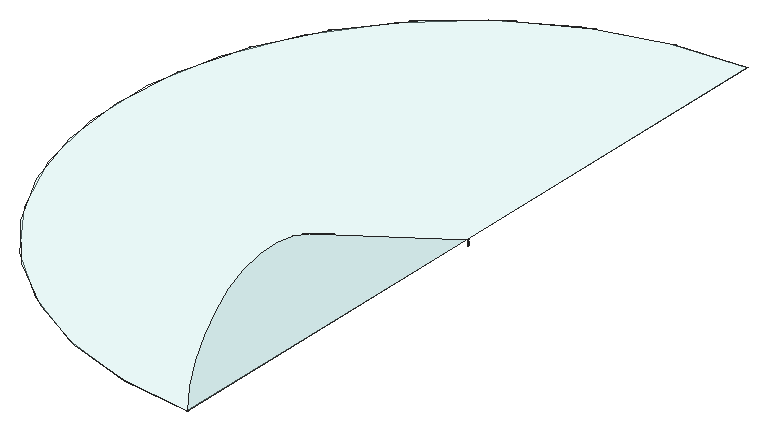
Revit family "Rotor 8005 Series - 8005NPSS", category Acessórios do tubo, Revit 2020
Family settings
  Cota do conector redondo = Utilizar diâmetro
  Tipo de parte = Normal
  Número OmniClass = 23.60.30.11.14
  Título OmniClass = Pipework Fittings
  Com base no plano de trabalho = Não
  Sempre na vertical = Sim
  Corte com vazios quando carregada = Não
  Compartilhado = Não
Parameters (values of type "Nozzle 20")
  Water = Water
  URL = "https://www.rainbird.com/"
  TABLE 90 = "TABLE 90psi"
  TABLE 80 = "TABLE 80psi"
  TABLE 70 = "TABLE 70psi"
  TABLE 60 = "TABLE 60psi"
  TABLE 50 = "TABLE 50psi"
  TABLE 100 = "TABLE 100psi"
  SupportProjetos: Reviw Date = ""  # constant formula
  SupportProjetos: Reviw = "R00"  # constant formula
  SupportProjetos: Level of Detail = "LOD 300"  # constant formula
  SupportProjetos: Developed = "MICHEL SOARES MOTA"  # constant formula
  SupportProjetos: Creation Date = "12/08/2020"  # constant formula
  Side inlet = no
  Rotation Water Visibility [instance] = Pop up on  # yes
  Rotation Angle [instance] = 180.00°
  RainBird: Product Link = "https://www.rainbird.com/"
  RainBird: Description = "8005-NP-SS Rotor "  # constant formula
  RainBird: Comment [instance] = ""
  RainBird: Code = "B81300NP"  # constant formula
  Radius [instance] = if(and(Pressure = 50.0 psi, Instance < 13 ft), size_lookup(TABLE 50, "Radius", 0 ft, Instance), if(and(Pressure = 60.0 psi, Instance < 13 ft), size_lookup(TABLE 60, "Radius", 0 ft, Instance), if(and(Pressure = 70.0 psi, Instance < 13 ft), size_lookup(TABLE 70, "Radius", 0 ft, Instance), if(and(Pressure = 80.0 psi, Instance < 13 ft), size_lookup(TABLE 80, "Radius", 0 ft, Instance), if(and(Pressure = 90.0 psi, Instance > 4 ft), size_lookup(TABLE 90, "Radius", 0 ft, Instance), if(and(Pressure = 100.0 psi, Instance > 8 ft), size_lookup(TABLE 100, "Radius", 0 ft, Instance), 600 ft))))))  # 73 ft
  RT = 0.009893 ft
  RN = 0.032808 ft
  R5 = 0.03937 ft
  R4 = 0.04101 ft
  R3 = 0.065617 ft
  R2 = 0.075407 ft
  R1 = 0.032808 ft
  Pressure [instance] = 90.0 psi
  Pop up height = 0.417 ft  # constant formula
  Pop up on [instance] = yes
  Modelo = "8005NPSS"  # constant formula
  Instance = 9 ft
  H1 = Body height / 3  # 0.240667 ft
  Flow [instance] = if(and(Pressure = 50.0 psi, Instance < 13 ft), size_lookup(TABLE 50, "Flow", 0.0 GPM, Instance), if(and(Pressure = 60.0 psi, Instance < 13 ft), size_lookup(TABLE 60, "Flow", 0.0 GPM, Instance), if(and(Pressure = 70.0 psi, Instance < 13 ft), size_lookup(TABLE 70, "Flow", 0.0 GPM, Instance), if(and(Pressure = 80.0 psi, Instance < 13 ft), size_lookup(TABLE 80, "Flow", 0.0 GPM, Instance), if(and(Pressure = 90.0 psi, Instance > 4 ft), size_lookup(TABLE 90, "Flow", 0.0 GPM, Instance), if(and(Pressure = 100.0 psi, Instance > 8 ft), size_lookup(TABLE 100, "Flow", 0.0 GPM, Instance), 600.0 GPM))))))  # 25.3 GPM
  Fabricante = "Rain Bird"
  Elevação padrão = 0 ft
  Description = RainBird: Description  # "8005-NP-SS Rotor "
  DD13 = 0.002625 ft
  DD12 = 0.003937 ft
  DD11 = 0.009897 ft
  DD10 = 0.016404 ft
  DD8 [instance] = if(Pop up on, Pop up height, 0 ft)  # 0.417 ft
  DD7 = 0.019685 ft
  DD6 [instance] = 0.016404 ft
  DD5 = 0.065617 ft
  DD4 = 0.032808 ft
  DD3 = 0.091048 ft
  DD2 [instance] = 0.024514 ft
  DD9 [instance] = if(Pop up on, Pop up height + 0.049541 ft, 0 ft)  # 0.466541 ft
  DD1 = 0.006562 ft
  Conection = 0.062664 ft  # constant formula
  Body height = 0.722 ft  # constant formula
  Blue = Blue Plastic
  Black Plastic = Black Plastic
  Angle = 25.00°
Types (13, lengths in ft): name | Radius | Pressure | Instance | Flow
  (no name) | 73 | 90.0 psi | 9 | 25.3 GPM
  Nozzle 4 | 39 | 80.0 psi | 1 | 5.0 GPM
  Nozzle 6 | 45 | 80.0 psi | 2 | 7.1 GPM
  Nozzle 8 | 49 | 80.0 psi | 3 | 9.8 GPM
  Nozzle 10 | 55 | 80.0 psi | 4 | 11.8 GPM
  Nozzle 12 | 61 | 80.0 psi | 5 | 14.2 GPM
  Tipo 14 | 63 | 80.0 psi | 6 | 16.4 GPM
  Nozzle 16 | 67 | 80.0 psi | 7 | 18.6 GPM
  Nozzle 18 | 71 | 90.0 psi | 8 | 22.2 GPM
  Nozzle 20 | 73 | 90.0 psi | 9 | 25.3 GPM
  Nozzle 22 | 75 | 90.0 psi | 10 | 29.1 GPM
  Nozzle 24 | 79 | 90.0 psi | 11 | 31.0 GPM
  Nozzle 26 | 79 | 90.0 psi | 12 | 33.7 GPM
Reference planes (ft)
  plane 1 "Centro (Frente/Trás)": y = 0
  plane 2: z = 0
  plane 3 "Centro (Esquerda/Direita)": x = 0
  plane 4: z = 0.003937
  plane 5: z = 0.002625
  plane 6: y = -0.065617
Forms (ft)
  Revolve 1, solid, material "Black Plastic" <- "Black Plastic"
    sketch origin (0, 0, 0) x (1, 0, 0) y (0, 0, 1)
      loop
        line (0.075407, -0.091048) -> (0.075407, -0.035324)
        arc (0.075407, -0.035324) -> (0.072509, -0.028329) -> (0.065514, -0.025431) r 0.009893
        line (0.065514, -0.025431) -> (0.046098, -0.025431) -> (0.046098, 0) -> (0.03937, 0) -> (0.03937, -0.417) -> (0.019685, -0.417) -> (0.019685, -0.715438) -> (0.032808, -0.715438) -> (0.032808, -0.722) -> (0.04101, -0.722) -> (0.04101, -0.715438) -> (0.055724, -0.715438)
        arc (0.055724, -0.715438) -> (0.062719, -0.712541) -> (0.065617, -0.705545) r 0.009893
        line (0.065617, -0.705545) -> (0.065617, -0.091048) -> (0.075407, -0.091048)
      axis (0, -0.722) -> (0, 0)
    angle from 0 to 360
  Extrusion 2, solid, material "Black Plastic" <- "Black Plastic"
    sketch origin (0, 0, 0) x (1, 0, 0) y (0, 1, 0)
      loop
        circle (0, 0) r 0.032808
    from -0.417 to 0.417
  Extrusion 3, void
    sketch origin (0, 0, 0) x (1, 0, 0) y (0, 1, 0)
      loop
        circle (0, 0) r 0.022844
    from -0.417 to 0.417
  Revolve 4, solid, material "Black Plastic" <- "Black Plastic"
    sketch origin (0, 0, 0) x (1, 0, 0) y (0, 0, 1)
      loop
        line (0, 0.417) -> (0.037004, 0.417) -> (0.037004, 0.426897)
        arc (0.037004, 0.426897) -> (0.01879, 0.43179) -> (0, 0.433404) r 0.10685
        line (0, 0.433404) -> (0, 0.417)
      axis (0, 0.417) -> (0, 0.433404)
    angle from 0 to 360
  Extrusion 5, solid, material "Blue Plastic" <- "Blue"
    sketch origin (0, 0, 0) x (1, 0, 0) y (0, 0, 1)
      loop
        circle (0, 0.392486) r 0.009129
      loop
        circle (0, 0.392486) r 0.004793
    from 0 to 0.034386
  Extrusion 6, void
    sketch origin (0, 0, 0) x (1, 0, 0) y (0, 0, 1)
      loop
        line (-0.02074, 0.328055) -> (-0.02074, 0.282426) -> (0.020672, 0.282426) -> (0.020672, 0.328055) -> (-0.02074, 0.328055)
      loop
        line (-0.018439, 0.325179) -> (-0.018439, 0.285685) -> (0.018179, 0.285685) -> (0.018179, 0.325179) -> (-0.018439, 0.325179)
    from 0.024556 to 0.06931
  Extrusion 7, solid, material "Black Plastic" <- "Black Plastic"
    sketch origin (0, 0, 0) x (1, 0, 0) y (0, 0, 1)
      loop
        line (0.046098, 0) -> (0.046098, -0.036876) -> (0.073493, -0.036876) -> (0.046098, 0)
    from -0.002998 to 0.002998
  Extrusion 8, solid, material "Black Plastic" <- "Black Plastic"
    sketch origin (0, 0, 0) x (-1, 0, 0) y (0, 0, -1)
      loop
        line (0.046098, 0) -> (0.073493, 0.036876) -> (0.046098, 0.036876) -> (0.046098, 0)
    from -0.002998 to 0.002998
  Extrusion 9, solid, material "Black Plastic" <- "Black Plastic"
    sketch origin (0, 0, 0) x (0.866025, 0.5, 0) y (0, 0, 1)
      loop
        line (0.046098, 0) -> (0.046098, -0.036876) -> (0.073493, -0.036876) -> (0.046098, 0)
    from -0.002998 to 0.002998
  Extrusion 10, solid, material "Black Plastic" <- "Black Plastic"
    sketch origin (0, 0, 0) x (-0.866025, -0.5, 0) y (0, 0, -1)
      loop
        line (0.046098, 0) -> (0.073493, 0.036876) -> (0.046098, 0.036876) -> (0.046098, 0)
    from -0.002998 to 0.002998
  Extrusion 11, solid, material "Black Plastic" <- "Black Plastic"
    sketch origin (0, 0, 0) x (0, 1, 0) y (0, 0, 1)
      loop
        line (0.046098, 0) -> (0.046098, -0.036876) -> (0.073493, -0.036876) -> (0.046098, 0)
    from -0.002998 to 0.002998
  Extrusion 12, solid, material "Black Plastic" <- "Black Plastic"
    sketch origin (0, 0, 0) x (0, -1, 0) y (0, 0, -1)
      loop
        line (0.046098, 0) -> (0.073493, 0.036876) -> (0.046098, 0.036876) -> (0.046098, 0)
    from -0.002998 to 0.002998
  Extrusion 13, solid, material "Black Plastic" <- "Black Plastic"
    sketch origin (0, 0, 0) x (0.5, 0.866025, 0) y (0, 0, 1)
      loop
        line (0.046098, 0) -> (0.046098, -0.036876) -> (0.073493, -0.036876) -> (0.046098, 0)
    from -0.002998 to 0.002998
  Extrusion 14, solid, material "Black Plastic" <- "Black Plastic"
    sketch origin (0, 0, 0) x (-0.5, -0.866025, 0) y (0, 0, -1)
      loop
        line (0.046098, 0) -> (0.073493, 0.036876) -> (0.046098, 0.036876) -> (0.046098, 0)
    from -0.002998 to 0.002998
  Extrusion 15, solid, material "Black Plastic" <- "Black Plastic"
    sketch origin (0, 0, 0) x (-0.5, 0.866025, 0) y (0, 0, 1)
      loop
        line (0.046098, 0) -> (0.046098, -0.036876) -> (0.073493, -0.036876) -> (0.046098, 0)
    from -0.002998 to 0.002998
  Extrusion 16, solid, material "Black Plastic" <- "Black Plastic"
    sketch origin (0, 0, 0) x (0.5, -0.866025, 0) y (0, 0, -1)
      loop
        line (0.046098, 0) -> (0.073493, 0.036876) -> (0.046098, 0.036876) -> (0.046098, 0)
    from -0.002998 to 0.002998
  Extrusion 17, solid, material "Black Plastic" <- "Black Plastic"
    sketch origin (0, 0, 0) x (-0.866025, 0.5, 0) y (0, 0, 1)
      loop
        line (0.046098, 0) -> (0.046098, -0.036876) -> (0.073493, -0.036876) -> (0.046098, 0)
    from -0.002998 to 0.002998
  Extrusion 18, solid, material "Black Plastic" <- "Black Plastic"
    sketch origin (0, 0, 0) x (0.866025, -0.5, 0) y (0, 0, -1)
      loop
        line (0.046098, 0) -> (0.073493, 0.036876) -> (0.046098, 0.036876) -> (0.046098, 0)
    from -0.002998 to 0.002998
  Extrusion 19, void
    sketch origin (0, 0, 0) x (1, 0, 0) y (0, 1, 0)
      loop
        line (-0.002998, 0.077702) -> (-0.002998, 0.071655) -> (0.002998, 0.071655) -> (0.002998, 0.077702) -> (-0.002998, 0.077702)
    from -0.091048 to 0.82021
  Extrusion 20, void
    sketch origin (0, 0, 0) x (1, 0, 0) y (0, 1, 0)
      loop
        line (0.002998, -0.077702) -> (0.002998, -0.071655) -> (-0.002998, -0.071655) -> (-0.002998, -0.077702) -> (0.002998, -0.077702)
    from -0.091048 to 0.82021
  Extrusion 21, void
    sketch origin (0, 0, 0) x (0.965926, 0.258819, 0) y (-0.258819, 0.965926, 0)
      loop
        line (-0.002998, 0.077702) -> (-0.002998, 0.071655) -> (0.002998, 0.071655) -> (0.002998, 0.077702) -> (-0.002998, 0.077702)
    from -0.091048 to 0.82021
  Extrusion 22, void
    sketch origin (0, 0, 0) x (0.965926, 0.258819, 0) y (-0.258819, 0.965926, 0)
      loop
        line (0.002998, -0.077702) -> (0.002998, -0.071655) -> (-0.002998, -0.071655) -> (-0.002998, -0.077702) -> (0.002998, -0.077702)
    from -0.091048 to 0.82021
  Extrusion 23, void
    sketch origin (0, 0, 0) x (0.866025, 0.5, 0) y (-0.5, 0.866025, 0)
      loop
        line (-0.002998, 0.077702) -> (-0.002998, 0.071655) -> (0.002998, 0.071655) -> (0.002998, 0.077702) -> (-0.002998, 0.077702)
    from -0.091048 to 0.82021
  Extrusion 24, void
    sketch origin (0, 0, 0) x (0.866025, 0.5, 0) y (-0.5, 0.866025, 0)
      loop
        line (0.002998, -0.077702) -> (0.002998, -0.071655) -> (-0.002998, -0.071655) -> (-0.002998, -0.077702) -> (0.002998, -0.077702)
    from -0.091048 to 0.82021
  Extrusion 25, void
    sketch origin (0, 0, 0) x (0.5, 0.866025, 0) y (-0.866025, 0.5, 0)
      loop
        line (-0.002998, 0.077702) -> (-0.002998, 0.071655) -> (0.002998, 0.071655) -> (0.002998, 0.077702) -> (-0.002998, 0.077702)
    from -0.091048 to 0.82021
  Extrusion 26, void
    sketch origin (0, 0, 0) x (0.5, 0.866025, 0) y (-0.866025, 0.5, 0)
      loop
        line (0.002998, -0.077702) -> (0.002998, -0.071655) -> (-0.002998, -0.071655) -> (-0.002998, -0.077702) -> (0.002998, -0.077702)
    from -0.091048 to 0.82021
  Extrusion 27, void
    sketch origin (0, 0, 0) x (0.707107, 0.707107, 0) y (-0.707107, 0.707107, 0)
      loop
        line (-0.002998, 0.077702) -> (-0.002998, 0.071655) -> (0.002998, 0.071655) -> (0.002998, 0.077702) -> (-0.002998, 0.077702)
    from -0.091048 to 0.82021
  Extrusion 28, void
    sketch origin (0, 0, 0) x (0.707107, 0.707107, 0) y (-0.707107, 0.707107, 0)
      loop
        line (0.002998, -0.077702) -> (0.002998, -0.071655) -> (-0.002998, -0.071655) -> (-0.002998, -0.077702) -> (0.002998, -0.077702)
    from -0.091048 to 0.82021
  Extrusion 29, void
    sketch origin (0, 0, 0) x (0.258819, 0.965926, 0) y (-0.965926, 0.258819, 0)
      loop
        line (-0.002998, 0.077702) -> (-0.002998, 0.071655) -> (0.002998, 0.071655) -> (0.002998, 0.077702) -> (-0.002998, 0.077702)
    from -0.091048 to 0.82021
  Extrusion 30, void
    sketch origin (0, 0, 0) x (0.258819, 0.965926, 0) y (-0.965926, 0.258819, 0)
      loop
        line (0.002998, -0.077702) -> (0.002998, -0.071655) -> (-0.002998, -0.071655) -> (-0.002998, -0.077702) -> (0.002998, -0.077702)
    from -0.091048 to 0.82021
  Extrusion 31, void
    sketch origin (0, 0, 0) x (0, 1, 0) y (-1, 0, 0)
      loop
        line (-0.002998, 0.077702) -> (-0.002998, 0.071655) -> (0.002998, 0.071655) -> (0.002998, 0.077702) -> (-0.002998, 0.077702)
    from -0.091048 to 0.82021
  Extrusion 32, void
    sketch origin (0, 0, 0) x (0, 1, 0) y (-1, 0, 0)
      loop
        line (0.002998, -0.077702) -> (0.002998, -0.071655) -> (-0.002998, -0.071655) -> (-0.002998, -0.077702) -> (0.002998, -0.077702)
    from -0.091048 to 0.82021
  Extrusion 33, void
    sketch origin (0, 0, 0) x (-0.258819, 0.965926, 0) y (-0.965926, -0.258819, 0)
      loop
        line (-0.002998, 0.077702) -> (-0.002998, 0.071655) -> (0.002998, 0.071655) -> (0.002998, 0.077702) -> (-0.002998, 0.077702)
    from -0.091048 to 0.82021
  Extrusion 34, void
    sketch origin (0, 0, 0) x (-0.258819, 0.965926, 0) y (-0.965926, -0.258819, 0)
      loop
        line (0.002998, -0.077702) -> (0.002998, -0.071655) -> (-0.002998, -0.071655) -> (-0.002998, -0.077702) -> (0.002998, -0.077702)
    from -0.091048 to 0.82021
  Extrusion 35, void
    sketch origin (0, 0, 0) x (-0.5, 0.866025, 0) y (-0.866025, -0.5, 0)
      loop
        line (-0.002998, 0.077702) -> (-0.002998, 0.071655) -> (0.002998, 0.071655) -> (0.002998, 0.077702) -> (-0.002998, 0.077702)
    from -0.091048 to 0.82021
  Extrusion 36, void
    sketch origin (0, 0, 0) x (-0.5, 0.866025, 0) y (-0.866025, -0.5, 0)
      loop
        line (0.002998, -0.077702) -> (0.002998, -0.071655) -> (-0.002998, -0.071655) -> (-0.002998, -0.077702) -> (0.002998, -0.077702)
    from -0.091048 to 0.82021
  Extrusion 37, void
    sketch origin (0, 0, 0) x (-0.707107, 0.707107, 0) y (-0.707107, -0.707107, 0)
      loop
        line (-0.002998, 0.077702) -> (-0.002998, 0.071655) -> (0.002998, 0.071655) -> (0.002998, 0.077702) -> (-0.002998, 0.077702)
    from -0.091048 to 0.82021
  Extrusion 38, void
    sketch origin (0, 0, 0) x (-0.707107, 0.707107, 0) y (-0.707107, -0.707107, 0)
      loop
        line (0.002998, -0.077702) -> (0.002998, -0.071655) -> (-0.002998, -0.071655) -> (-0.002998, -0.077702) -> (0.002998, -0.077702)
    from -0.091048 to 0.82021
  Extrusion 39, void
    sketch origin (0, 0, 0) x (-0.866025, 0.5, 0) y (-0.5, -0.866025, 0)
      loop
        line (-0.002998, 0.077702) -> (-0.002998, 0.071655) -> (0.002998, 0.071655) -> (0.002998, 0.077702) -> (-0.002998, 0.077702)
    from -0.091048 to 0.82021
  Extrusion 40, void
    sketch origin (0, 0, 0) x (-0.866025, 0.5, 0) y (-0.5, -0.866025, 0)
      loop
        line (0.002998, -0.077702) -> (0.002998, -0.071655) -> (-0.002998, -0.071655) -> (-0.002998, -0.077702) -> (0.002998, -0.077702)
    from -0.091048 to 0.82021
  Extrusion 41, void
    sketch origin (0, 0, 0) x (-0.965926, 0.258819, 0) y (-0.258819, -0.965926, 0)
      loop
        line (-0.002998, 0.077702) -> (-0.002998, 0.071655) -> (0.002998, 0.071655) -> (0.002998, 0.077702) -> (-0.002998, 0.077702)
    from -0.091048 to 0.82021
  Extrusion 42, void
    sketch origin (0, 0, 0) x (-0.965926, 0.258819, 0) y (-0.258819, -0.965926, 0)
      loop
        line (0.002998, -0.077702) -> (0.002998, -0.071655) -> (-0.002998, -0.071655) -> (-0.002998, -0.077702) -> (0.002998, -0.077702)
    from -0.091048 to 0.82021
  Extrusion 43, solid, material "Water" <- "Water", visible <- "Rotation Water Visibility"
    sketch origin (0, 0, 0) x (0, 1, 0) y (0, 0, 1)
      loop
        line (-0.032808, 0.392486) -> (-41.314762, 19.642577)
        arc (-41.314762, 19.642577) -> (-62.318922, 18.495086) -> (-73.032808, 0.392486) r 22.310372
        line (-73.032808, 0.392486) -> (-0.032808, 0.392486)
    from -0.008202 to 0.008202
Cuts and joins
  Extrusion 3, Extrusion 6 cuts Extrusion 2
  Extrusion 19, Extrusion 20, Extrusion 21, Extrusion 22, Extrusion 23, Extrusion 24, Extrusion 25, Extrusion 26, Extrusion 27, Extrusion 28, Extrusion 29, Extrusion 30, Extrusion 31, Extrusion 32, Extrusion 33, Extrusion 34, Extrusion 35, Extrusion 36, Extrusion 37, Extrusion 38, Extrusion 39, Extrusion 40, Extrusion 41, Extrusion 42 cuts Revolve 1
Dimensions and locks (ft)
  "Body height": level to Revolve 1 sketch curve
  "R2": Revolve 1 sketch curve to plane 3 "Centro (Esquerda/Direita)"
  "DD1": Revolve 1 sketch curve to Revolve 1 sketch curve
  "DD3": level to Revolve 1 sketch curve
  Revolve 1 sketch curve to plane 3 "Centro (Esquerda/Direita)" = 0.065617 ft
  "R4": Revolve 1 sketch curve to plane 3 "Centro (Esquerda/Direita)"
  "RN": Revolve 1 sketch curve to plane 3 "Centro (Esquerda/Direita)"
  "Pop up height": level to Revolve 1 sketch curve
  "R5": plane 3 "Centro (Esquerda/Direita)" to Revolve 1 sketch curve
  "DD7": Revolve 1 sketch curve to plane 3 "Centro (Esquerda/Direita)"
  "DD8": Extrusion 2 to level
  "DD12": plane 4 to level
  "DD13": plane 5 to level
  "R3": plane 6 to plane 1 "Centro (Frente/Trás)"
  "DD5": Revolve 1 sketch curve to Revolve 1 sketch curve
  "DD10": Revolve 4 sketch curve to Revolve 4 sketch curve
  "DD11": Revolve 4 sketch curve to Revolve 4 sketch curve
  "DD2": Revolve 4 to Extrusion 5 sketch curve  (x2)
  Extrusion 7 to plane 3 "Centro (Esquerda/Direita)" = 0.046098 ft
  equal spacing: Extrusion 7, plane 1 "Centro (Frente/Trás)", Extrusion 7
  Extrusion 8 to Extrusion 8 = 0.005995 ft
  Extrusion 9 to Extrusion 9 = 0.005995 ft
  Extrusion 20 sketch curve to Extrusion 20 sketch curve = 0.005995 ft
  Extrusion 22 sketch curve to Extrusion 22 sketch curve = 0.005995 ft
  Extrusion 24 sketch curve to Extrusion 24 sketch curve = 0.005995 ft
  Extrusion 26 sketch curve to Extrusion 26 sketch curve = 0.005995 ft
  Extrusion 28 sketch curve to Extrusion 28 sketch curve = 0.005995 ft
  Extrusion 30 sketch curve to Extrusion 30 sketch curve = 0.005995 ft
  Extrusion 32 sketch curve to Extrusion 32 sketch curve = 0.005995 ft
  Extrusion 34 sketch curve to Extrusion 34 sketch curve = 0.005995 ft
  Extrusion 36 sketch curve to Extrusion 36 sketch curve = 0.005995 ft
  Extrusion 38 sketch curve to Extrusion 38 sketch curve = 0.005995 ft
  Extrusion 40 sketch curve to Extrusion 40 sketch curve = 0.005995 ft
  Extrusion 42 sketch curve to Extrusion 42 sketch curve = 0.005995 ft
  "DD4": plane 1 "Centro (Frente/Trás)" to Extrusion 43 sketch curve
  "DD2": Revolve 4 to Extrusion 43 sketch curve
  "Radius": Extrusion 43 sketch curve to Extrusion 43 sketch curve
  equal spacing: Extrusion 43, plane 3 "Centro (Esquerda/Direita)", Extrusion 43
  "DD6": Extrusion 43 to Extrusion 43
  "DD2": Revolve 4 to nested 1
  "RT": radius of Revolve 1 sketch curve  (x2)
  "R1": radius of Extrusion 2 sketch curve
  "Angle": angle Extrusion 43 sketch curve to Extrusion 43 sketch curve
  aligned and locked: level to plane 2
  aligned and locked: Revolve 1 sketch curve to Revolve 1 sketch curve
  aligned and locked: Extrusion 2 to Revolve 1
  aligned and locked: cut or joined group of Extrusion 2, Extrusion 3, Extrusion 6 to cut or joined group of Extrusion 2, Extrusion 3, Extrusion 6  (x2)
  aligned and locked: Revolve 4 sketch curve to cut or joined group of Extrusion 2, Extrusion 3, Extrusion 6
  aligned and locked: Extrusion 20 to Revolve 1
  aligned and locked: Extrusion 22 to Revolve 1
  aligned and locked: Extrusion 24 to Revolve 1
  aligned and locked: Extrusion 28 to Revolve 1
  aligned and locked: Extrusion 26 to Revolve 1
  aligned and locked: Extrusion 30 to Revolve 1
  aligned and locked: Extrusion 32 to Revolve 1
  aligned and locked: Extrusion 34 to Revolve 1
  aligned and locked: Revolve 1 to Extrusion 36
  aligned and locked: Revolve 1 to Extrusion 38
  aligned and locked: Extrusion 41 to Revolve 1
  aligned and locked: Extrusion 39 to Revolve 1
  aligned and locked: Extrusion 37 to Revolve 1
  aligned and locked: Extrusion 35 to Revolve 1
  aligned and locked: Extrusion 33 to Revolve 1
  aligned and locked: Extrusion 31 to Revolve 1
  aligned and locked: Extrusion 29 to Revolve 1
  aligned and locked: Revolve 1 to Extrusion 25
  aligned and locked: Revolve 1 to Extrusion 27
  aligned and locked: Revolve 1 to Extrusion 19
  aligned and locked: Revolve 1 to Extrusion 21
  aligned and locked: Revolve 1 to Extrusion 42
  aligned and locked: Revolve 1 to Extrusion 40
  aligned and locked: Revolve 1 to Extrusion 23
Automatic sketch dimensions
  plane 1 "Centro (Frente/Trás)" to Extrusion 2 sketch curve = 0 ft
  Extrusion 2 sketch curve to plane 3 "Centro (Esquerda/Direita)" = 0 ft
  plane 1 "Centro (Frente/Trás)" to Extrusion 3 sketch curve = 0 ft
  Extrusion 3 sketch curve to plane 3 "Centro (Esquerda/Direita)" = 0 ft
  Revolve 4 sketch curve to plane 3 "Centro (Esquerda/Direita)" = 0 ft  (x2)
  plane 3 "Centro (Esquerda/Direita)" to Revolve 4 sketch curve = 0.000284 ft
  plane 3 "Centro (Esquerda/Direita)" to Revolve 4 sketch curve = 0.037004 ft
  Revolve 4 sketch curve to Revolve 4 sketch curve = 0.015719 ft
  Revolve 4 sketch curve to Revolve 4 sketch curve = 0.114829 ft
  Extrusion 5 sketch curve to Extrusion 5 sketch curve = 0 ft
  Extrusion 5 sketch curve to plane 3 "Centro (Esquerda/Direita)" = 0 ft
  Extrusion 6 sketch curve to plane 3 "Centro (Esquerda/Direita)" = 0.02074 ft
  Extrusion 6 sketch curve to Extrusion 6 sketch curve = 0.002301 ft
  plane 3 "Centro (Esquerda/Direita)" to Extrusion 6 sketch curve = 0.018179 ft
  Extrusion 6 sketch curve to Extrusion 6 sketch curve = 0.002492 ft
  plane 4 to Extrusion 6 sketch curve = 0.278489 ft
  Extrusion 6 sketch curve to Extrusion 6 sketch curve = 0.003259 ft
  Extrusion 6 sketch curve to Extrusion 6 sketch curve = 0.039494 ft
  Extrusion 6 sketch curve to Extrusion 6 sketch curve = 0.002876 ft
  Extrusion 7 sketch curve to level = 0 ft
  plane 3 "Centro (Esquerda/Direita)" to Extrusion 7 sketch curve = 0.046098 ft
  Extrusion 7 sketch curve to Extrusion 7 sketch curve = 0.027396 ft
  Extrusion 7 sketch curve to Extrusion 7 sketch curve = 0.036876 ft
  Extrusion 8 sketch curve to level = 0 ft
  plane 3 "Centro (Esquerda/Direita)" to Extrusion 8 sketch curve = 0.046098 ft
  Extrusion 8 sketch curve to Extrusion 8 sketch curve = 0.027396 ft
  Extrusion 8 sketch curve to Extrusion 8 sketch curve = 0.036876 ft
  Extrusion 9 sketch curve to level = 0 ft
  Extrusion 9 sketch curve to level = 0.036876 ft
  Extrusion 9 sketch curve to Extrusion 9 sketch curve = 0.027396 ft
  Extrusion 10 sketch curve to level = 0 ft
  Extrusion 10 sketch curve to level = 0.036876 ft
  Extrusion 10 sketch curve to Extrusion 10 sketch curve = 0.027396 ft
  Extrusion 11 sketch curve to level = 0 ft
  Extrusion 11 sketch curve to plane 1 "Centro (Frente/Trás)" = 0.046098 ft
  Extrusion 11 sketch curve to Extrusion 11 sketch curve = 0.027396 ft
  Extrusion 11 sketch curve to Extrusion 11 sketch curve = 0.036876 ft
  Extrusion 12 sketch curve to level = 0 ft
  plane 6 to Extrusion 12 sketch curve = 0.019519 ft
  Extrusion 12 sketch curve to plane 6 = 0.007877 ft
  Extrusion 12 sketch curve to level = 0.036876 ft
  Extrusion 13 sketch curve to level = 0 ft
  Extrusion 13 sketch curve to level = 0.036876 ft
  Extrusion 13 sketch curve to Extrusion 13 sketch curve = 0.027396 ft
  Extrusion 14 sketch curve to level = 0 ft
  Extrusion 14 sketch curve to level = 0.036876 ft
  Extrusion 14 sketch curve to Extrusion 14 sketch curve = 0.027396 ft
  level to Extrusion 15 sketch curve = 0 ft
  Extrusion 15 sketch curve to level = 0.036876 ft
  Extrusion 15 sketch curve to Extrusion 15 sketch curve = 0.027396 ft
  level to Extrusion 16 sketch curve = 0 ft
  Extrusion 16 sketch curve to level = 0.036876 ft
  Extrusion 16 sketch curve to Extrusion 16 sketch curve = 0.027396 ft
  level to Extrusion 17 sketch curve = 0 ft
  Extrusion 17 sketch curve to level = 0.036876 ft
  Extrusion 17 sketch curve to Extrusion 17 sketch curve = 0.027396 ft
  level to Extrusion 18 sketch curve = 0 ft
  Extrusion 18 sketch curve to level = 0.036876 ft
  Extrusion 18 sketch curve to Extrusion 18 sketch curve = 0.027396 ft
  Extrusion 19 sketch curve to plane 3 "Centro (Esquerda/Direita)" = 0.002998 ft
  Extrusion 19 sketch curve to plane 1 "Centro (Frente/Trás)" = 0.071655 ft
  Extrusion 19 sketch curve to Extrusion 19 sketch curve = 0.006047 ft
  plane 3 "Centro (Esquerda/Direita)" to Extrusion 20 sketch curve = 0.002998 ft
  plane 6 to Extrusion 20 sketch curve = 0.006038 ft
  Extrusion 20 sketch curve to Extrusion 20 sketch curve = 0.006047 ft
  plane 3 "Centro (Esquerda/Direita)" to Extrusion 19 sketch curve = 0.002998 ft
  Extrusion 21 sketch curve to plane 3 "Centro (Esquerda/Direita)" = 0.021441 ft
  Extrusion 21 sketch curve to plane 1 "Centro (Frente/Trás)" = 0.068438 ft
  Extrusion 21 sketch curve to Extrusion 21 sketch curve = 0.005995 ft
  Extrusion 21 sketch curve to Extrusion 21 sketch curve = 0.006047 ft
  Extrusion 22 sketch curve to plane 6 = 0.010213 ft
  plane 3 "Centro (Esquerda/Direita)" to Extrusion 22 sketch curve = 0.017215 ft
  Extrusion 22 sketch curve to Extrusion 22 sketch curve = 0.006047 ft
  Extrusion 23 sketch curve to plane 3 "Centro (Esquerda/Direita)" = 0.038424 ft
  Extrusion 23 sketch curve to plane 1 "Centro (Frente/Trás)" = 0.060556 ft
  Extrusion 23 sketch curve to Extrusion 23 sketch curve = 0.005995 ft
  Extrusion 23 sketch curve to Extrusion 23 sketch curve = 0.006047 ft
  Extrusion 24 sketch curve to plane 6 = 0.003174 ft
  plane 3 "Centro (Esquerda/Direita)" to Extrusion 24 sketch curve = 0.036255 ft
  Extrusion 24 sketch curve to Extrusion 24 sketch curve = 0.006047 ft
  Extrusion 25 sketch curve to plane 1 "Centro (Frente/Trás)" = 0.033231 ft
  Extrusion 25 sketch curve to plane 3 "Centro (Esquerda/Direita)" = 0.063554 ft
  Extrusion 25 sketch curve to Extrusion 25 sketch curve = 0.005995 ft
  Extrusion 25 sketch curve to Extrusion 25 sketch curve = 0.006047 ft
  Extrusion 26 sketch curve to plane 6 = 0.02417 ft
  Extrusion 26 sketch curve to plane 3 "Centro (Esquerda/Direita)" = 0.065793 ft
  Extrusion 26 sketch curve to Extrusion 26 sketch curve = 0.006047 ft
  Extrusion 27 sketch curve to plane 1 "Centro (Frente/Trás)" = 0.048548 ft
  Extrusion 27 sketch curve to plane 3 "Centro (Esquerda/Direita)" = 0.052787 ft
  Extrusion 27 sketch curve to Extrusion 27 sketch curve = 0.005995 ft
  Extrusion 27 sketch curve to Extrusion 27 sketch curve = 0.006047 ft
  plane 6 to Extrusion 28 sketch curve = 0.008554 ft
  plane 3 "Centro (Esquerda/Direita)" to Extrusion 28 sketch curve = 0.052824 ft
  Extrusion 28 sketch curve to Extrusion 28 sketch curve = 0.006047 ft
  Extrusion 29 sketch curve to plane 1 "Centro (Frente/Trás)" = 0.01565 ft
  Extrusion 29 sketch curve to plane 3 "Centro (Esquerda/Direita)" = 0.069989 ft
  Extrusion 29 sketch curve to Extrusion 29 sketch curve = 0.005995 ft
  Extrusion 29 sketch curve to Extrusion 29 sketch curve = 0.006047 ft
  plane 1 "Centro (Frente/Trás)" to Extrusion 30 sketch curve = 0.023006 ft
  plane 3 "Centro (Esquerda/Direita)" to Extrusion 30 sketch curve = 0.074278 ft
  Extrusion 30 sketch curve to Extrusion 30 sketch curve = 0.006047 ft
  plane 1 "Centro (Frente/Trás)" to Extrusion 31 sketch curve = 0.002998 ft
  Extrusion 31 sketch curve to plane 1 "Centro (Frente/Trás)" = 0.002998 ft
  Extrusion 31 sketch curve to plane 3 "Centro (Esquerda/Direita)" = 0.071655 ft
  Extrusion 31 sketch curve to Extrusion 31 sketch curve = 0.006047 ft
  plane 1 "Centro (Frente/Trás)" to Extrusion 32 sketch curve = 0.002998 ft
  plane 3 "Centro (Esquerda/Direita)" to Extrusion 32 sketch curve = 0.077702 ft
  Extrusion 32 sketch curve to Extrusion 32 sketch curve = 0.006047 ft
  plane 1 "Centro (Frente/Trás)" to Extrusion 33 sketch curve = 0.021441 ft
  Extrusion 33 sketch curve to plane 3 "Centro (Esquerda/Direita)" = 0.068438 ft
  Extrusion 33 sketch curve to Extrusion 33 sketch curve = 0.005995 ft
  Extrusion 33 sketch curve to Extrusion 33 sketch curve = 0.006047 ft
  Extrusion 34 sketch curve to plane 1 "Centro (Frente/Trás)" = 0.017215 ft
  plane 3 "Centro (Esquerda/Direita)" to Extrusion 34 sketch curve = 0.07583 ft
  Extrusion 34 sketch curve to Extrusion 34 sketch curve = 0.006047 ft
  plane 6 to Extrusion 35 sketch curve = 0.027193 ft
  Extrusion 35 sketch curve to plane 3 "Centro (Esquerda/Direita)" = 0.060556 ft
  Extrusion 35 sketch curve to Extrusion 35 sketch curve = 0.005995 ft
  Extrusion 35 sketch curve to Extrusion 35 sketch curve = 0.006047 ft
  Extrusion 36 sketch curve to plane 1 "Centro (Frente/Trás)" = 0.036255 ft
  plane 3 "Centro (Esquerda/Direita)" to Extrusion 36 sketch curve = 0.068791 ft
  Extrusion 36 sketch curve to Extrusion 36 sketch curve = 0.006047 ft
  plane 6 to Extrusion 37 sketch curve = 0.012829 ft
  Extrusion 37 sketch curve to plane 3 "Centro (Esquerda/Direita)" = 0.048548 ft
  Extrusion 37 sketch curve to Extrusion 37 sketch curve = 0.005995 ft
  Extrusion 37 sketch curve to Extrusion 37 sketch curve = 0.006047 ft
  Extrusion 38 sketch curve to plane 1 "Centro (Frente/Trás)" = 0.052824 ft
  plane 3 "Centro (Esquerda/Direita)" to Extrusion 38 sketch curve = 0.057063 ft
  Extrusion 38 sketch curve to Extrusion 38 sketch curve = 0.006047 ft
  plane 6 to Extrusion 39 sketch curve = 0.002063 ft
  Extrusion 39 sketch curve to plane 3 "Centro (Esquerda/Direita)" = 0.033231 ft
  Extrusion 39 sketch curve to Extrusion 39 sketch curve = 0.005995 ft
  Extrusion 39 sketch curve to Extrusion 39 sketch curve = 0.006047 ft
  plane 3 "Centro (Esquerda/Direita)" to Extrusion 40 sketch curve = 0.041447 ft
  Extrusion 40 sketch curve to plane 1 "Centro (Frente/Trás)" = 0.065793 ft
  Extrusion 40 sketch curve to Extrusion 40 sketch curve = 0.006047 ft
  Extrusion 41 sketch curve to plane 6 = 0.004372 ft
  Extrusion 41 sketch curve to plane 3 "Centro (Esquerda/Direita)" = 0.01565 ft
  Extrusion 41 sketch curve to Extrusion 41 sketch curve = 0.005995 ft
  Extrusion 41 sketch curve to Extrusion 41 sketch curve = 0.006047 ft
  plane 3 "Centro (Esquerda/Direita)" to Extrusion 42 sketch curve = 0.023006 ft
  Extrusion 42 sketch curve to plane 1 "Centro (Frente/Trás)" = 0.074278 ft
  Extrusion 42 sketch curve to Extrusion 42 sketch curve = 0.006047 ft
  Revolve 1 sketch curve to plane 3 "Centro (Esquerda/Direita)" = 0 ft
  Revolve 1 sketch curve to level = 0 ft
  Revolve 1 sketch curve to Revolve 1 sketch curve = 0.019416 ft
  plane 4 to Revolve 1 sketch curve = 0.079347 ft
  Revolve 1 sketch curve to Revolve 1 sketch curve = 0.918635 ft
  Extrusion 43 sketch curve to level = 0.577487 ft
  radius of Extrusion 3 sketch curve = 0.022844 ft
  radius of Extrusion 5 sketch curve = 0.009129 ft
  radius of Extrusion 5 sketch curve = 0.004793 ft
Nested families (ft)
  nested 1: "Water" at (0.000235, 0, 0.273228) x (0, -1, 0) z (0, 0, 1), DT9 <- "DD4", Radius <- "Radius", visible <- "Rotation Water Visibility", Rotation Angle <- "Rotation Angle", type "Water"
    with Rotation Angle 180.00°, Radius 73 ft, DT9 0.032808 ft, DT8 0 ft, DT7 292 ft, DT4 365 ft, Angle 2 180.00°
Connectors (ft)
  piping at (0, 0, -0.722), diameter 2
    settings: on cut or joined group of Revolve 1, Extrusion 19, Extrusion 20, Extrusion 21, Extrusion 22, Extrusion 23, Extrusion 24, Extrusion 25, Extrusion 26, Extrusion 27, Extrusion 28, Extrusion 29, Extrusion 30, Extrusion 31, Extrusion 32, Extrusion 33, Extrusion 34, Extrusion 35, Extrusion 36, Extrusion 37, Extrusion 38, Extrusion 39, Extrusion 40, Extrusion 41, Extrusion 42, index 1, connector inside diameter 609.6 mm, connector length 0 ft, flow factor 0, pipe flow 0.0 GPM, pressure drop 0.0 psi, fitting loss kfactor 0, connector angle 0.00°, fixture units 0, engagement length 0 ft, angle of deflection 0.00°, flow configuration 0, flow direction 0, fitting loss method 0, system type 28, joint type 0, gender type 0, connector reference index -1, connector utility 0, adjustable connector no, is connector primary yes, connector description ""
Definition of nested family "Water"
  Parameters (values of type "Water")
    Water Visibility (Circle) = yes
    Water = none
    URL = ""
    SupportProjetos: Reviw Date = ""  # constant formula
    SupportProjetos: Level of Detail = "LOD 300"  # constant formula
    SupportProjetos: Developed = "MICHEL SOARES MOTA"  # constant formula
    SupportProjetos: Creation Date = "16/07/2020"  # constant formula
    Rotation Angle [instance] = 90.00°
    Reviw = "R00"  # constant formula
    Radius [instance] = 14 ft
    Model = ""
    Default Elevation = 4 ft
    Description = ""
    DT9 [instance] = 0.032808 ft
    DT8 [instance] = if(Rotation Angle = 360.00°, 10 ft, 0 ft)  # 0 ft
    DT7 [instance] = 4 * Radius  # 56 ft
    DT4 [instance] = 5 * Radius  # 70 ft
    DT2 = 0.098425 ft  # constant formula
    DT6 = 0 ft
    Angle 2 [instance] = if(Rotation Angle = 360.00°, 180.00°, 360.00° - Rotation Angle)  # 270.00°
  Reference planes (ft)
    plane 1 "Centro (Frente/Trás)": y = 0
    plane 2: z = 0
    plane 3 "Centro (Esquerda/Direita)": x = 0
  Forms (ft)
    Revolve 1, solid, material <- "Water", visible <- "Water Visibility (Circle)"
      sketch origin (0, 0, 0) x (1, 0, 0) y (0, 0, 1)
        loop
          line (0.032808, 0.098425) -> (14.032808, 0.098425) -> (14.032808, 0.119259) -> (0.032808, 0.119259) -> (0.032808, 0.098425)
        axis (0, 0.098425) -> (0, 0.119259)
      angle from 0 to 360
    Extrusion 2, void
      sketch origin (0, 0, 0) x (1, 0, 0) y (0, 1, 0)
        loop
          line (0, 0) -> (70, 0) -> (70, 56)
          arc (70, 56) -> (-70.459018, 51.588344) -> (0, -70) r 81.847109
          line (0, -70) -> (0, 0)
      from 0 to 15.189231
  Cuts and joins
    Extrusion 2 cuts Revolve 1
  Dimensions and locks (ft)
    "DT2": Revolve 1 sketch curve to level
    "DT4": Extrusion 2 sketch curve to Extrusion 2 sketch curve  (x2)
    "DT6": Extrusion 2 sketch curve to plane 3 "Centro (Esquerda/Direita)"
    "DT7": Extrusion 2 sketch curve to Extrusion 2 sketch curve
    "DT8": cut or joined group of Revolve 1, Extrusion 2 to level
    "Radius": Revolve 1 sketch curve to Revolve 1 sketch curve
    "DT9": Revolve 1 sketch curve to plane 3 "Centro (Esquerda/Direita)"
    "Angle 2": angle Extrusion 2 sketch curve to Extrusion 2 sketch curve
    aligned and locked: level to plane 2
    aligned and locked: plane 1 "Centro (Frente/Trás)" to Extrusion 2 sketch curve
  Automatic sketch dimensions
    plane 3 "Centro (Esquerda/Direita)" to Extrusion 2 sketch curve = 1.088227 ft
    Revolve 1 sketch curve to plane 3 "Centro (Esquerda/Direita)" = 0 ft
    Revolve 1 sketch curve to Revolve 1 sketch curve = 0.020833 ft
    Revolve 1 sketch curve to Revolve 1 sketch curve = 0.032113 ft
    Revolve 1 sketch curve to Revolve 1 sketch curve = 10.2693 ft
